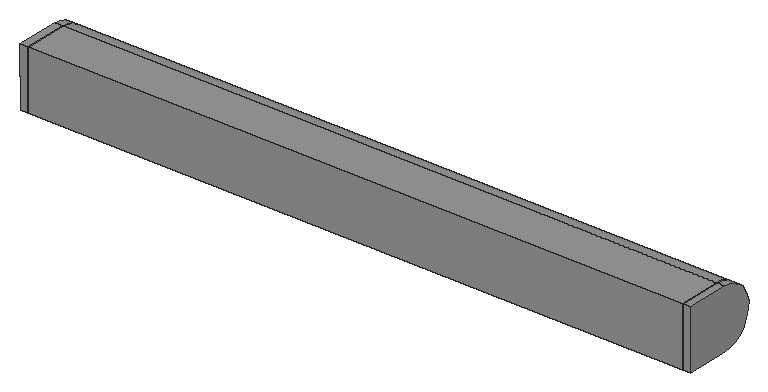
Revit family "JAVA_20W_4000K_1800LM", category Lighting Fixtures, host Wall, Revit 2021
Family settings
  Host = Wall
  Round Connector Dimension = Use Diameter
  Part Type = Normal
  OmniClass Number = 23.80.70.00
  OmniClass Title = Lighting
  Always vertical = Yes
  Cut with Voids When Loaded = No
  Light Source = Yes
  Shared = No
  Room Calculation Point = No
Parameters
  Wattage = 12.1178 W
  built-in parameter 1150110 = 1 (stored number, unit not read)
  Type de lampe = "LED"
  Type = "Applique salle de bain"
  built-in parameter 1114217 = 1 (stored number, unit not read)
  Tilt Angle = 90.00°
  Tension = "AC 220-240V"
  built-in parameter 1150109 = 1 (stored number, unit not read)
  built-in parameter 1150134 = 12
  built-in parameter 1150113 = 1 (stored number, unit not read)
  Puissance nominale = "20W"
  Photometric Web File = "google_eulumdat_converter (29).ies"
  Matériau = "Corps en aluminium"
  Lumens = 1800 lm
  built-in parameter 1150115 = 1 (stored number, unit not read)
  built-in parameter 1150105 = 143.24 (stored number, unit not read)
  built-in parameter 1150137 = (empty or 0)
  built-in parameter 1150139 = (empty or 0)
  built-in parameter 1150112 = 1 (stored number, unit not read)
  built-in parameter 1150114 = 1 (stored number, unit not read)
  built-in parameter 1150132 = 2
  built-in parameter 1150102 = (empty or 0)
  built-in parameter 1150138 = (empty or 0)
  built-in parameter 1150107 = 4000 (stored number, unit not read)
  built-in parameter 1150106 = 1.4324 (stored number, unit not read)
  IRC = ">80"
  Fintion = "Chrome"
  Emit from Line Length = 609.6 mm
  built-in parameter 1150104 = 13.8 (stored number, unit not read)
  Dimming Lamp Color Temperature Shift = <None>
  Dimensions = "600 x 65 x 53 mm"
  Default Elevation = 0 mm
  Color Filter = 16777215
  built-in parameter 1114218 = 1 (stored number, unit not read)
  built-in parameter 1150133 = 10 (stored number, unit not read)
Reference planes
  plane 1: y = 0
  plane 2 "Light Source Axis (F/B)": y = 112.214
  plane 3 "Light Source Axis (L/R)": x = -36.356
  plane 4 "Light Source Elevation": z = 2000
Forms (mm)
  Extrusion 1, solid, material "Glass, White, High Luminance"
    sketch origin (-36.356, 0, 0) x (0, -1, 0) y (0, 0, 1)
      loop
        line (-113.5, 1973.5) -> (-75, 1973.5) -> (-75, 2026.5) -> (-113.5, 2026.5)
        arc (-113.5, 2026.5) -> (-140, 2000) -> (-113.5, 1973.5) r 26.5
    from -293.074 to 293.074
  Extrusion 2, solid, material "Aluminum"
    sketch origin (-23.281, 0, 0) x (0, -1, 0) y (0, 0, 1)
      loop
        line (-113.5, 1973.5) -> (-75, 1973.5) -> (-75, 2026.5) -> (-113.5, 2026.5)
        arc (-113.5, 2026.5) -> (-140, 2000) -> (-113.5, 1973.5) r 26.5
    from 306.149 to 313.074
  Extrusion 3, solid, material "Aluminum"
    sketch origin (-49.43, 0, 0) x (0, -1, 0) y (0, 0, -1)
      loop
        arc (-113.5, -1973.5) -> (-140, -2000) -> (-113.5, -2026.5) r 26.5
        line (-113.5, -2026.5) -> (-75, -2026.5) -> (-75, -1973.5) -> (-113.5, -1973.5)
    from 306.149 to 313.074
Lines and regions (mm)
  reference lines
    curve 1: line (-36.356, 112.214, 2000) -> (-36.356, 112.214, 2026.5)
    curve 2: line (-36.356, 112.214, 2000) -> (-36.356, 112.214, 1973.5)
    curve 3: line (-336.356, 112.214, 1973.5) -> (-336.356, 112.214, 2026.5)
    curve 4: line (-336.356, 112.214, 2026.5) -> (263.644, 112.214, 2026.5)
    curve 5: line (263.644, 112.214, 2026.5) -> (263.644, 112.214, 1973.5)
    curve 6: line (263.644, 112.214, 1973.5) -> (-36.356, 112.214, 1973.5)
    curve 7: line (-36.356, 75, 2000) -> (-36.356, 140, 2000)
Text (mm)
  text "Placement Side" at (0, 1019.848, 2973.606), in view "Right"
  text "Placement Side" at (-1787.662, 723.012, 0), in view "Ref. Level"
  text "Placement Side" at (0, 1206.291, 3020.473), in view "Left"
Dimensions and locks
  aligned and locked: plane 3 "Light Source Axis (L/R)" to imposter light
